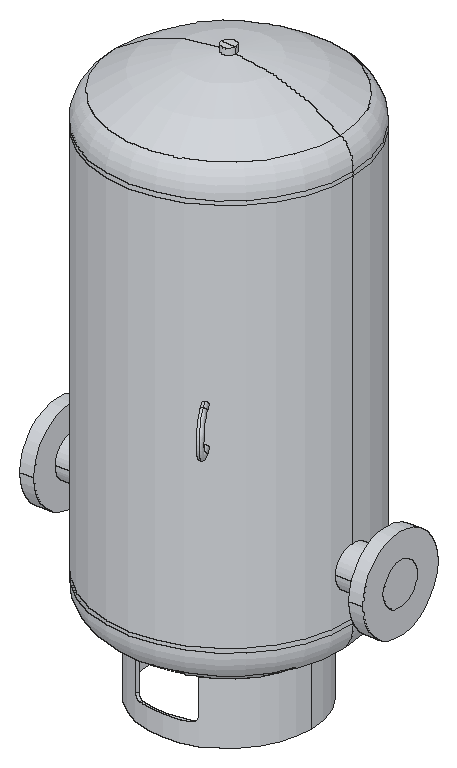
Revit family "CWBT120-4-125", category Mechanical Equipment, Revit 2014
Parameters (values of type "CWBT120-4-125")
  Tank Weight = "315 lbs"
  Tank Volume = "120 Gal"
  Tank Height = "55 3/4\""
  Tank Diameter = "24\""
  Note = "All dimensions and weights are approximate"
  Maximum Acceptance Volume = "N/A"
  Max Operating Temp = "450° F"
  Max Operating Pressure = "125 psi"
  Connector Size = "4\""
Reference planes (in)
  plane 1 "Center (Front/Back)": y = 0
  plane 2: z = 0
  plane 3 "Center (Left/Right)": x = 0
Forms (in)
  Extrusion 1, solid
    sketch origin (0, 0, 0) x (1, 0, 0) y (0, 1, 0)
      loop
        circle (0, 0) r 8
      loop
        circle (0, 0) r 7.75261
    from 0 to 6
  Extrusion 2, void
    sketch origin (0, 0, 0) x (1, 0, 0) y (0, 0, 1)
      loop
        line (-3, 6) -> (-3, 2.5)
        arc (-3, 2.5) -> (-2.85355, 2.14645) -> (-2.5, 2) r 0.5
        line (-2.5, 2) -> (2.5, 2)
        arc (2.5, 2) -> (2.85355, 2.14645) -> (3, 2.5) r 0.5
        line (3, 2.5) -> (3, 6) -> (-3, 6)
    from 0 to 10
  Revolve 3, solid
    sketch origin (0, 0, 0) x (1, 0, 0) y (0, 0, 1)
      loop
        line (0, 56.33186) -> (0, 3.76304) -> (0.6875, 3.76304) -> (0.6875, 4.27606)
        arc (0.6875, 4.27606) -> (6.03979, 5.24535) -> (10.82075, 7.83939) r 17.17878
        arc (10.82075, 7.83939) -> (11.74557, 9.01447) -> (12, 10.48804) r 3.04715
        line (12, 10.48804) -> (12, 10.88804) -> (12, 49.13804) -> (12, 49.53804)
        arc (12, 49.53804) -> (11.73574, 51.03405) -> (10.78124, 52.21592) r 3.04326
        arc (10.78124, 52.21592) -> (6.00358, 54.75186) -> (0.6875, 55.75002) r 17.95658
        line (0.6875, 55.75002) -> (0.6875, 56.33186) -> (0, 56.33186)
      axis (0, 56.33186) -> (0, 3.76304)
    angle from 0 to 360
  Sweep 4, solid
    path origin (-3.09907, 4.94253, -16.53613) x (0.511725, -0.85915, 0) y (0, 0, 1)
      loop
        line (17.83546, 48.42089) -> (18.83546, 48.42089)
        arc (18.83546, 48.42089) -> (20.71046, 46.54589) -> (18.83546, 44.67089) r 1.875
        line (18.83546, 44.67089) -> (17.83546, 44.67089)
    profile origin (6.28364, -10.81038, 31.88476) x (0, 0, 1) y (-0.85915, -0.511725, 0)
      loop
        circle (0, 0) r 0.25
  Extrusion 5, solid
    sketch origin (0, 0, 0) x (0, 1, 0) y (0, 0, 1)
      loop
        circle (0, 15.5) r 2.013
    from 0 to 16.5
  Extrusion 6, solid
    sketch origin (0, 0, 0) x (0, 1, 0) y (0, 0, 1)
      loop
        circle (0, 15.5) r 2.013
    from 0 to -16.5
  Extrusion 7, solid
    sketch origin (0, 0, 0) x (0, 1, 0) y (0, 0, 1)
      loop
        circle (0, 15.5) r 4.5
    from -15.1875 to -16.5
  Extrusion 8, solid
    sketch origin (0, 0, 0) x (0, 1, 0) y (0, 0, 1)
      loop
        circle (0, 15.5) r 4.5
    from 15.1875 to 16.5
Cuts and joins
  Extrusion 2 cuts Extrusion 1
Dimensions and locks (in)
  Revolve 3 sketch curve to cut or joined group of Extrusion 1, Extrusion 2 = 55 3/4"
  aligned and locked: level to plane 2
